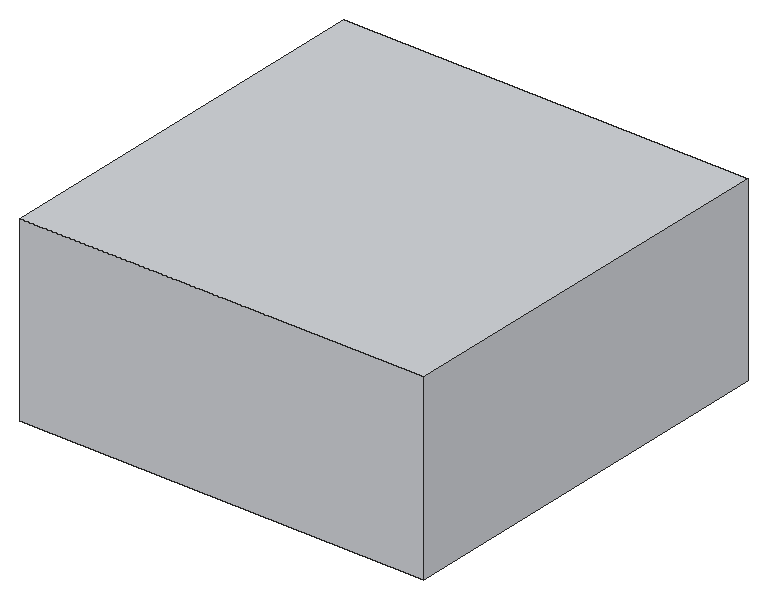
Revit family "M_電線管端子箱 - 置換 - アルミニウム_1", category Electrical Equipment, Revit 2020
Family settings
  Panel Configuration = Two Columns, Circuits Across
  Round Connector Dimension = Use Radius
  Part Type = Panelboard
  OmniClass Number = 23.80.30.17.11
  OmniClass Title = Conduits
  Work Plane-Based = No
  Always vertical = Yes
  Cut with Voids When Loaded = No
  Shared = No
  Room Calculation Point = No
Parameters (values of type "標準 2")
  Default Elevation = 0 mm
  幅オフセット [instance] = 5000 mm
  幅 [instance] = 長さ  # 116 mm
  呼び半径 2 [instance] = 8 mm
  呼び半径 1 [instance] = 10.5 mm
  呼び径 2 [instance] = 呼び半径 2 * 2  # 16 mm
  呼び径 1 [instance] = 呼び半径 1 * 2  # 21 mm
  最大呼び径 12 [instance] = if(呼び径 1 > 呼び径 2, 呼び径 1, 呼び径 2)  # 21 mm
  長さ 1 [instance] = 5000 mm  # constant formula
  高さオフセット [instance] = 5000 mm
  高さ [instance] = if(not(最大呼び径 12 > 27 mm), 52 mm, if(最大呼び径 12 < 155 mm, 152 mm, 最大呼び径 12 * 1.2))  # 52 mm
  長さ [instance] = if(not(最大呼び径 12 > 27 mm), 116 mm, 6 * 最大呼び径 12)  # 116 mm
  幅／2 ラベル [instance] = if(abs(長さ 1 - 幅オフセット) + 呼び半径 2 > 幅 / 2, abs(長さ 1 - 幅オフセット) + 呼び半径 2 + 25.4 mm, 幅 / 2)  # 58 mm
  高さ／2 ラベル [instance] = if(abs(長さ 1 - 高さオフセット) + 呼び半径 2 > 高さ / 2, abs(長さ 1 - 高さオフセット) + 呼び半径 2 + 25.4 mm, 高さ / 2)  # 26 mm
Reference planes
  plane 1 "中心(正面/背面)": y = 0
  plane 2: z = 0
  plane 3 "中心(左/右)": x = 0
  plane 4: y = -5000
  plane 5: z = -5000
  plane 6: y = 0
  plane 7: z = 0
  plane 8: x = 116
  plane 9: y = 58
  plane 10: y = -381
  plane 11: y = -58
  plane 12: z = 26
  plane 13: z = -26
Forms (mm)
  Blend 1, solid, not visible
    base sketch origin (0, 0, 0) x (0, 1, 0) y (0, 0, 1)
      loop
        circle (0, 0) r 10.5
    top sketch origin (0, 0, 0) x (0, 1, 0) y (0, 0, 1)
      loop
        circle (0, 0) r 8
    from 0 to 116
  Extrusion 2, solid
    sketch origin (0, 0, 0) x (1, 0, 0) y (0, 1, 0)
      loop
        line (0, 58) -> (0, -58) -> (116, -58) -> (116, 58) -> (0, 58)
    from -26 to 26
Dimensions and locks
  "長さ 1": plane 1 "中心(正面/背面)" to plane 4
  "長さ 1": plane 2 to plane 5
  "幅オフセット": plane 6 to plane 4
  "高さオフセット": plane 7 to plane 5
  "長さ": plane 3 "中心(左/右)" to plane 8
  "幅／2 ラベル": plane 1 "中心(正面/背面)" to plane 9
  "幅／2 ラベル": plane 11 to plane 1 "中心(正面/背面)"
  "高さ／2 ラベル": plane 12 to plane 2
  "高さ／2 ラベル": plane 2 to plane 13
  "呼び半径 1": radius of Blend 1 sketch curve
  "呼び半径 2": radius of Blend 1 sketch curve
  aligned and locked: plane 2 to Blend 1 sketch curve
  aligned and locked: plane 1 "中心(正面/背面)" to Blend 1 sketch curve
  aligned and locked: plane 7 to Blend 1 sketch curve
  aligned and locked: plane 6 to Blend 1 sketch curve
  aligned and locked: Blend 1 to plane 3 "中心(左/右)"
  aligned and locked: plane 8 to Blend 1
  aligned and locked: Extrusion 2 sketch curve to plane 9
  aligned and locked: plane 3 "中心(左/右)" to Extrusion 2 sketch curve
  aligned and locked: Extrusion 2 sketch curve to plane 11
  aligned and locked: Extrusion 2 sketch curve to plane 8
  aligned and locked: plane 12 to Extrusion 2
  aligned and locked: plane 13 to Extrusion 2
Connectors
  cabletrayconduit at (0, 0, 0), diameter 21, driven by "呼び半径 1"
    settings: on Blend 1, index 1, connector width 304.8 mm, connector height 304.8 mm, connector angle 0.00°, system type 32, placement type 0, profile type 0, connector reference index 2, is primary connector yes, connector utility param no, connector description ""
  cabletrayconduit at (116, 0, 0), diameter 16, driven by "呼び半径 2"
    settings: on Blend 1, index 2, connector width 304.8 mm, connector height 304.8 mm, connector angle 0.00°, system type 32, placement type 0, profile type 0, connector reference index 1, is primary connector no, connector utility param no, connector description ""
